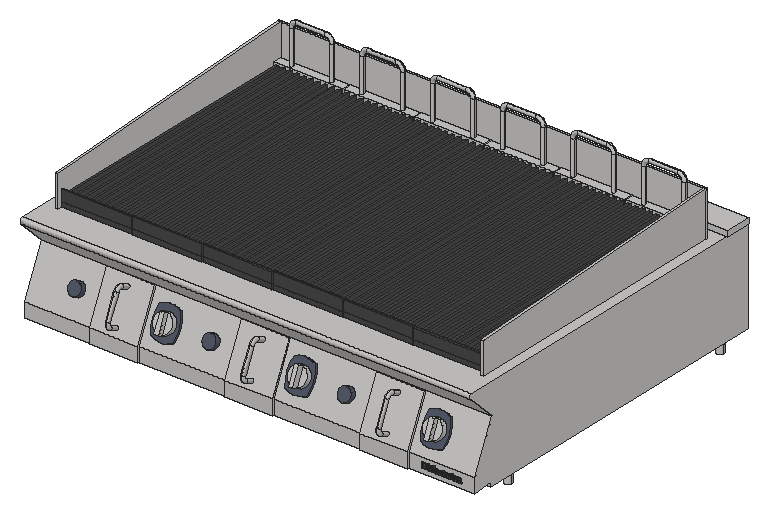
Revit family "QF_ELECTROLUXPROFESSIONAL_391188_E9GRTLGC0P", category Specialty Equipment, Revit 2018 (continued)
Automatic sketch dimensions
  Extrusion 19 sketch curve to plane 4 "RIGHT" = 0.1 mm
  Extrusion 20 sketch curve to plane 6 "TOP" = 0 mm
  Extrusion 20 sketch curve to plane 10 = 27.638 mm
  plane 1 "BACK" to Extrusion 20 sketch curve = 104.885 mm
  Extrusion 20 sketch curve to plane 5 "FRONT" = 82 mm
  Extrusion 20 sketch curve to plane 10 = 66.495 mm
  Extrusion 21 sketch curve to Extrusion 1 = 52.1 mm
  plane 6 "TOP" to Sweep 23 sketch curve = 37.056 mm  (x2)
  Sweep 23 sketch curve to plane 10 = 20.058 mm  (x2)
  Sweep 23 sketch curve to plane 10 = 4.818 mm
  Sweep 23 sketch curve to plane 7 "Center Y" = 227.721 mm
  Sweep 23 sketch curve to Sweep 23 sketch curve = 77.443 mm
  Sweep 23 sketch curve to profile plane = 0 mm
  profile plane to Sweep 23 sketch curve = 0 mm
  plane 6 "TOP" to Sweep 24 sketch curve = 37.056 mm  (x2)
  Sweep 24 sketch curve to plane 10 = 20.058 mm  (x2)
  Sweep 24 sketch curve to plane 10 = 4.818 mm
  Sweep 24 sketch curve to plane 7 "Center Y" = 39.638 mm
  Sweep 24 sketch curve to Sweep 24 sketch curve = 77.443 mm
  Sweep 24 sketch curve to profile plane = 0 mm
  profile plane to Sweep 24 sketch curve = 0 mm
  plane 6 "TOP" to Sweep 25 sketch curve = 37.056 mm  (x2)
  Sweep 25 sketch curve to plane 10 = 20.058 mm  (x2)
  Sweep 25 sketch curve to plane 10 = 4.818 mm
  plane 7 "Center Y" to Sweep 25 sketch curve = 147.567 mm
  plane 7 "Center Y" to Sweep 25 sketch curve = 54.884 mm
  Sweep 25 sketch curve to profile plane = 0 mm
  profile plane to Sweep 25 sketch curve = 0 mm
  plane 6 "TOP" to Sweep 26 sketch curve = 37.056 mm  (x2)
  Sweep 26 sketch curve to plane 10 = 20.058 mm  (x2)
  Sweep 26 sketch curve to plane 10 = 4.818 mm
  plane 14 to Sweep 26 sketch curve = 212.351 mm
  Sweep 26 sketch curve to Sweep 26 sketch curve = 77.443 mm
  Sweep 26 sketch curve to profile plane = 0 mm
  profile plane to Sweep 26 sketch curve = 0 mm
  plane 14 to Sweep 27 sketch curve = 23.491 mm
  plane 6 "TOP" to Sweep 27 sketch curve = 37.056 mm  (x2)
  Sweep 27 sketch curve to plane 10 = 20.058 mm  (x2)
  Sweep 27 sketch curve to plane 10 = 4.818 mm
  Sweep 27 sketch curve to Sweep 27 sketch curve = 77.443 mm
  Sweep 27 sketch curve to profile plane = 0 mm
  profile plane to Sweep 27 sketch curve = 0 mm
  Extrusion 28 sketch curve to plane 5 "FRONT" = 13.314 mm
  Extrusion 28 sketch curve to Extrusion 28 sketch curve = 3.2 mm
  Extrusion 28 sketch curve to plane 5 "FRONT" = 69.963 mm
  Extrusion 28 sketch curve to Extrusion 28 sketch curve = 2.907 mm
  Extrusion 28 sketch curve to plane 6 "TOP" = 82.216 mm
  Extrusion 28 sketch curve to Extrusion 28 sketch curve = 1.338 mm
  plane 9 to Extrusion 28 sketch curve = 6.903 mm
  plane 5 "FRONT" to Sweep 29 sketch curve = 5.352 mm
  Sweep 29 sketch curve to plane 5 "FRONT" = 0.875 mm
  Sweep 29 sketch curve to plane 5 "FRONT" = 6.185 mm
  Sweep 29 sketch curve to plane 5 "FRONT" = 21.504 mm
  Sweep 29 sketch curve to plane 5 "FRONT" = 22.196 mm
  Sweep 29 sketch curve to Sweep 29 sketch curve = 11.537 mm
  Sweep 29 sketch curve to Sweep 29 sketch curve = 5.31 mm  (x2)
  Sweep 29 sketch curve to Sweep 29 sketch curve = 20.629 mm
  Sweep 29 sketch curve to plane 6 "TOP" = 95.082 mm
  Sweep 29 sketch curve to Sweep 29 sketch curve = 6.227 mm
  Sweep 29 sketch curve to Sweep 29 sketch curve = 9.495 mm  (x2)
  Sweep 29 sketch curve to Sweep 29 sketch curve = 59.852 mm
  profile plane to Sweep 29 sketch curve = 0 mm
  Sweep 29 sketch curve to profile plane = 0 mm
  plane 13 to Extrusion 30 sketch curve = 24.379 mm
  plane 13 to Extrusion 30 sketch curve = 81.028 mm
  Extrusion 30 sketch curve to plane 5 "FRONT" = 13.314 mm
  Extrusion 30 sketch curve to plane 5 "FRONT" = 69.963 mm
  Extrusion 30 sketch curve to plane 6 "TOP" = 82.216 mm
  plane 9 to Extrusion 30 sketch curve = 45.704 mm  (x2)
  plane 9 to Extrusion 30 sketch curve = 6.903 mm
  plane 13 to Sweep 31 sketch curve = 5.713 mm
  plane 13 to Sweep 31 sketch curve = 11.94 mm
  Sweep 31 sketch curve to Sweep 31 sketch curve = 11.537 mm  (x2)
  Sweep 31 sketch curve to Sweep 31 sketch curve = 20.629 mm  (x2)
  plane 13 to Sweep 31 sketch curve = 33.261 mm
  Sweep 31 sketch curve to Sweep 31 sketch curve = 5.31 mm  (x2)
  Sweep 31 sketch curve to plane 6 "TOP" = 95.082 mm
  Sweep 31 sketch curve to Sweep 31 sketch curve = 6.227 mm
  Sweep 31 sketch curve to Sweep 31 sketch curve = 9.495 mm  (x2)
  Sweep 31 sketch curve to Sweep 31 sketch curve = 59.852 mm
  profile plane to Sweep 31 sketch curve = 0 mm
  Sweep 31 sketch curve to profile plane = 0 mm
  Extrusion 32 sketch curve to plane 7 "Center Y" = 273.167 mm
  Extrusion 32 sketch curve to Extrusion 32 sketch curve = 0 mm
  Extrusion 32 sketch curve to Extrusion 32 sketch curve = 12.3 mm  (x3)
  Extrusion 32 sketch curve to Extrusion 32 sketch curve = 34.925 mm  (x2)
  Extrusion 32 sketch curve to Extrusion 32 sketch curve = 46.691 mm
  Extrusion 32 sketch curve to Extrusion 32 sketch curve = 0.617 mm
  Extrusion 32 sketch curve to Extrusion 32 sketch curve = 28.57 mm
  Extrusion 32 sketch curve to Extrusion 32 sketch curve = 29.185 mm
  Extrusion 34 sketch curve to Extrusion 34 sketch curve = 24.732 mm
  Extrusion 34 sketch curve to Extrusion 34 sketch curve = 0 mm
  Split face 1 sketch curve to Split face 1 sketch curve = 9.684 mm
  Split face 1 sketch curve to Split face 1 sketch curve = 18.622 mm
  Split face 1 sketch curve to Split face 1 sketch curve = 2.959 mm
  Split face 1 sketch curve to Split face 1 sketch curve = 21.994 mm
  Split face 1 sketch curve to Split face 1 sketch curve = 5.035 mm
  Split face 1 sketch curve to Split face 1 sketch curve = 10.085 mm
  Split face 1 sketch curve to Split face 1 sketch curve = 5.244 mm
  Split face 2 sketch curve to Split face 2 sketch curve = 9.635 mm
  Split face 2 sketch curve to Split face 2 sketch curve = 17.821 mm
  Split face 2 sketch curve to Split face 2 sketch curve = 4.557 mm
  Split face 2 sketch curve to Split face 2 sketch curve = 14.42 mm
  Split face 2 sketch curve to Split face 2 sketch curve = 22.055 mm
  Split face 2 sketch curve to Split face 2 sketch curve = 3.318 mm
  plane 9 to Extrusion 35 sketch curve = 15.313 mm
  plane 9 to Extrusion 35 sketch curve = 20.354 mm
  Extrusion 35 sketch curve to Extrusion 35 sketch curve = 5.06 mm
  Extrusion 35 sketch curve to Extrusion 35 sketch curve = 0 mm  (x28)
  Extrusion 35 sketch curve to Extrusion 35 sketch curve = 5.108 mm  (x2)
  Extrusion 35 sketch curve to plane 14 = 0.497 mm
  Extrusion 35 sketch curve to Extrusion 35 sketch curve = 0.054 mm
  Extrusion 35 sketch curve to Extrusion 35 sketch curve = 0.218 mm
  Extrusion 35 sketch curve to Extrusion 35 sketch curve = 0.195 mm
  Extrusion 35 sketch curve to Extrusion 35 sketch curve = 0.249 mm
  Extrusion 35 sketch curve to Extrusion 35 sketch curve = 0.316 mm
  Extrusion 35 sketch curve to Extrusion 35 sketch curve = 0.087 mm
  Extrusion 35 sketch curve to Extrusion 35 sketch curve = 0.358 mm
  Extrusion 35 sketch curve to Extrusion 35 sketch curve = 0.481 mm
  Extrusion 35 sketch curve to Extrusion 35 sketch curve = 0.597 mm
  Extrusion 35 sketch curve to Extrusion 35 sketch curve = 0.544 mm
  Extrusion 35 sketch curve to Extrusion 35 sketch curve = 0.936 mm
  Extrusion 35 sketch curve to Extrusion 35 sketch curve = 0.594 mm
  Extrusion 35 sketch curve to Extrusion 35 sketch curve = 0.343 mm
  Extrusion 35 sketch curve to Extrusion 35 sketch curve = 0.159 mm
  Extrusion 35 sketch curve to Extrusion 35 sketch curve = 0.826 mm
  Extrusion 35 sketch curve to Extrusion 35 sketch curve = 0.839 mm
  Extrusion 35 sketch curve to Extrusion 35 sketch curve = 0.852 mm
  Extrusion 35 sketch curve to Extrusion 35 sketch curve = 0.887 mm
  Extrusion 35 sketch curve to Extrusion 35 sketch curve = 0.928 mm
  Extrusion 35 sketch curve to Extrusion 35 sketch curve = 0.938 mm
  Extrusion 35 sketch curve to Extrusion 35 sketch curve = 0.444 mm
  Extrusion 35 sketch curve to Extrusion 35 sketch curve = 1.11 mm  (x3)
  Extrusion 35 sketch curve to plane 14 = 7.966 mm
  Extrusion 35 sketch curve to Extrusion 35 sketch curve = 0.215 mm
  Extrusion 35 sketch curve to Extrusion 35 sketch curve = 1.43 mm
  Extrusion 35 sketch curve to Extrusion 35 sketch curve = 1.188 mm
  Extrusion 35 sketch curve to Extrusion 35 sketch curve = 1.21 mm  (x2)
  Extrusion 35 sketch curve to Extrusion 35 sketch curve = 0.503 mm
  Extrusion 35 sketch curve to plane 14 = 13.235 mm
  Extrusion 35 sketch curve to Extrusion 35 sketch curve = 0.488 mm
  Extrusion 35 sketch curve to plane 14 = 17.162 mm
  Extrusion 35 sketch curve to Extrusion 35 sketch curve = 0.462 mm
  Extrusion 35 sketch curve to Extrusion 35 sketch curve = 1.386 mm
  Extrusion 35 sketch curve to Extrusion 35 sketch curve = 1.742 mm  (x2)
  Extrusion 35 sketch curve to Extrusion 35 sketch curve = 0.821 mm
  Extrusion 35 sketch curve to Extrusion 35 sketch curve = 0.497 mm
  Extrusion 35 sketch curve to Extrusion 35 sketch curve = 0.539 mm
  Extrusion 35 sketch curve to Extrusion 35 sketch curve = 0.686 mm
  Extrusion 35 sketch curve to Extrusion 35 sketch curve = 0.408 mm
  Extrusion 35 sketch curve to Extrusion 35 sketch curve = 0.743 mm
  Extrusion 35 sketch curve to plane 14 = 1.053 mm
  Extrusion 35 sketch curve to Extrusion 35 sketch curve = 1.16 mm
  Extrusion 35 sketch curve to Extrusion 35 sketch curve = 0.329 mm
  Extrusion 35 sketch curve to Extrusion 35 sketch curve = 1.054 mm
  Extrusion 35 sketch curve to Extrusion 35 sketch curve = 1.056 mm
  Extrusion 35 sketch curve to Extrusion 35 sketch curve = 0.129 mm
  Extrusion 35 sketch curve to Extrusion 35 sketch curve = 0.489 mm
  Extrusion 35 sketch curve to Extrusion 35 sketch curve = 0.441 mm
  Extrusion 35 sketch curve to Extrusion 35 sketch curve = 1.151 mm
  Extrusion 35 sketch curve to Extrusion 35 sketch curve = 1.141 mm  (x2)
  Extrusion 35 sketch curve to Extrusion 35 sketch curve = 1.23 mm
  Extrusion 35 sketch curve to Extrusion 35 sketch curve = 1.653 mm
  plane 14 to Extrusion 35 sketch curve = 0.91 mm
  Extrusion 35 sketch curve to Extrusion 35 sketch curve = 0.499 mm
  Extrusion 35 sketch curve to Extrusion 35 sketch curve = 0.964 mm
  Extrusion 35 sketch curve to Extrusion 35 sketch curve = 0.949 mm
  Extrusion 35 sketch curve to Extrusion 35 sketch curve = 1.345 mm  (x2)
  Extrusion 35 sketch curve to Extrusion 35 sketch curve = 1.101 mm
  Extrusion 35 sketch curve to Extrusion 35 sketch curve = 0.432 mm
  Extrusion 35 sketch curve to Extrusion 35 sketch curve = 1.142 mm
  Extrusion 35 sketch curve to Extrusion 35 sketch curve = 0.959 mm
  Extrusion 35 sketch curve to Extrusion 35 sketch curve = 0.176 mm
  Extrusion 35 sketch curve to Extrusion 35 sketch curve = 0.728 mm
  Extrusion 35 sketch curve to Extrusion 35 sketch curve = 3.375 mm  (x2)
  Extrusion 35 sketch curve to Extrusion 35 sketch curve = 0.541 mm
  Extrusion 35 sketch curve to Extrusion 35 sketch curve = 0.955 mm
  Extrusion 35 sketch curve to Extrusion 35 sketch curve = 1.251 mm
  plane 14 to Extrusion 35 sketch curve = 0.491 mm
  Extrusion 35 sketch curve to Extrusion 35 sketch curve = 0.572 mm
  Extrusion 35 sketch curve to plane 14 = 11.859 mm
  Extrusion 35 sketch curve to Extrusion 35 sketch curve = 1.92 mm
  Extrusion 35 sketch curve to Extrusion 35 sketch curve = 1.224 mm
  Extrusion 35 sketch curve to Extrusion 35 sketch curve = 0.745 mm
  Extrusion 35 sketch curve to Extrusion 35 sketch curve = 2.537 mm
  Extrusion 35 sketch curve to Extrusion 35 sketch curve = 0.896 mm  (x3)
  Extrusion 35 sketch curve to Extrusion 35 sketch curve = 0.036 mm
  Extrusion 35 sketch curve to Extrusion 35 sketch curve = 2.607 mm
  Extrusion 35 sketch curve to Extrusion 35 sketch curve = 0.066 mm
  Extrusion 35 sketch curve to Extrusion 35 sketch curve = 0.248 mm
  Extrusion 35 sketch curve to Extrusion 35 sketch curve = 0.449 mm
  Extrusion 35 sketch curve to plane 14 = 11.078 mm
  Extrusion 35 sketch curve to Extrusion 35 sketch curve = 1.052 mm
  Extrusion 35 sketch curve to Extrusion 35 sketch curve = 1.863 mm
  Extrusion 35 sketch curve to Extrusion 35 sketch curve = 1.31 mm  (x2)
  Extrusion 35 sketch curve to Extrusion 35 sketch curve = 0.901 mm
  Extrusion 35 sketch curve to Extrusion 35 sketch curve = 1.107 mm
  Extrusion 35 sketch curve to Extrusion 35 sketch curve = 2.122 mm
  Extrusion 35 sketch curve to Extrusion 35 sketch curve = 2.101 mm
  Extrusion 35 sketch curve to Extrusion 35 sketch curve = 0.106 mm
  Extrusion 35 sketch curve to Extrusion 35 sketch curve = 0.029 mm
  Extrusion 35 sketch curve to Extrusion 35 sketch curve = 2.09 mm
  Extrusion 35 sketch curve to Extrusion 35 sketch curve = 1.279 mm
  Extrusion 35 sketch curve to Extrusion 35 sketch curve = 2.008 mm
  Extrusion 35 sketch curve to Extrusion 35 sketch curve = 0.738 mm
  Extrusion 35 sketch curve to Extrusion 35 sketch curve = 0.382 mm
  Extrusion 35 sketch curve to Extrusion 35 sketch curve = 0.384 mm
  Extrusion 35 sketch curve to Extrusion 35 sketch curve = 0.002 mm
  Extrusion 35 sketch curve to Extrusion 35 sketch curve = 0.561 mm
  Extrusion 35 sketch curve to Extrusion 35 sketch curve = 0.592 mm
  Extrusion 35 sketch curve to Extrusion 35 sketch curve = 2.692 mm
  Extrusion 35 sketch curve to Extrusion 35 sketch curve = 1.259 mm
  Extrusion 35 sketch curve to plane 14 = 13.098 mm
  Extrusion 35 sketch curve to Extrusion 35 sketch curve = 0.802 mm
  Extrusion 35 sketch curve to Extrusion 35 sketch curve = 1.024 mm
  Extrusion 35 sketch curve to Extrusion 35 sketch curve = 0.682 mm
  Extrusion 35 sketch curve to Extrusion 35 sketch curve = 5.934 mm
  Extrusion 35 sketch curve to Extrusion 35 sketch curve = 2.186 mm
  Extrusion 35 sketch curve to Extrusion 35 sketch curve = 0.337 mm
  Extrusion 35 sketch curve to Extrusion 35 sketch curve = 0.021 mm
  Extrusion 35 sketch curve to Extrusion 35 sketch curve = 1.005 mm
  Extrusion 35 sketch curve to Extrusion 35 sketch curve = 0.552 mm
  Extrusion 35 sketch curve to Extrusion 35 sketch curve = 0.778 mm
  Extrusion 35 sketch curve to Extrusion 35 sketch curve = 0.063 mm
  Extrusion 35 sketch curve to Extrusion 35 sketch curve = 1.023 mm
  Extrusion 35 sketch curve to Extrusion 35 sketch curve = 3.804 mm
  Extrusion 35 sketch curve to Extrusion 35 sketch curve = 0.486 mm
  Extrusion 35 sketch curve to Extrusion 35 sketch curve = 0.266 mm
  Extrusion 35 sketch curve to Extrusion 35 sketch curve = 1.547 mm
  Extrusion 35 sketch curve to Extrusion 35 sketch curve = 0.717 mm  (x2)
  Extrusion 35 sketch curve to Extrusion 35 sketch curve = 1.667 mm
  Extrusion 35 sketch curve to plane 14 = 8.772 mm
  Extrusion 35 sketch curve to Extrusion 35 sketch curve = 3.174 mm
  Extrusion 35 sketch curve to Extrusion 35 sketch curve = 0.388 mm
  Extrusion 35 sketch curve to Extrusion 35 sketch curve = 1.342 mm
  Extrusion 35 sketch curve to Extrusion 35 sketch curve = 1.521 mm
  Extrusion 35 sketch curve to Extrusion 35 sketch curve = 0.124 mm
  Extrusion 35 sketch curve to Extrusion 35 sketch curve = 0.291 mm
  Extrusion 35 sketch curve to Extrusion 35 sketch curve = 1.049 mm  (x2)
  Extrusion 35 sketch curve to plane 14 = 11.908 mm
  Extrusion 35 sketch curve to Extrusion 35 sketch curve = 1.7 mm
  Extrusion 35 sketch curve to Extrusion 35 sketch curve = 0.894 mm
  Extrusion 35 sketch curve to Extrusion 35 sketch curve = 0.989 mm
  Extrusion 35 sketch curve to Extrusion 35 sketch curve = 1.168 mm
  Extrusion 35 sketch curve to Extrusion 35 sketch curve = 1.594 mm
  Extrusion 35 sketch curve to Extrusion 35 sketch curve = 0.731 mm
  Extrusion 35 sketch curve to Extrusion 35 sketch curve = 1.566 mm
  Extrusion 35 sketch curve to Extrusion 35 sketch curve = 0.064 mm
  Extrusion 35 sketch curve to Extrusion 35 sketch curve = 0.556 mm  (x2)
  Extrusion 35 sketch curve to Extrusion 35 sketch curve = 0.48 mm
  Extrusion 35 sketch curve to Extrusion 35 sketch curve = 0.228 mm
  Extrusion 35 sketch curve to Extrusion 35 sketch curve = 1.018 mm
  Extrusion 35 sketch curve to plane 14 = 1.669 mm
  Extrusion 35 sketch curve to Extrusion 35 sketch curve = 0.787 mm
  Extrusion 35 sketch curve to Extrusion 35 sketch curve = 0.618 mm
  Extrusion 35 sketch curve to plane 14 = 6.726 mm
  Extrusion 35 sketch curve to Extrusion 35 sketch curve = 1.672 mm
  Extrusion 35 sketch curve to Extrusion 35 sketch curve = 1.361 mm
  Extrusion 35 sketch curve to Extrusion 35 sketch curve = 0.822 mm
  Extrusion 35 sketch curve to Extrusion 35 sketch curve = 0.069 mm
  Extrusion 35 sketch curve to Extrusion 35 sketch curve = 1.88 mm
  Extrusion 35 sketch curve to Extrusion 35 sketch curve = 0.42 mm
  Extrusion 35 sketch curve to Extrusion 35 sketch curve = 0.062 mm
  Extrusion 35 sketch curve to Extrusion 35 sketch curve = 1.355 mm
  Extrusion 35 sketch curve to Extrusion 35 sketch curve = 2.34 mm
  Extrusion 35 sketch curve to Extrusion 35 sketch curve = 0.493 mm
  Extrusion 35 sketch curve to Extrusion 35 sketch curve = 0.136 mm
  Extrusion 35 sketch curve to Extrusion 35 sketch curve = 0.128 mm
  Extrusion 35 sketch curve to Extrusion 35 sketch curve = 3.616 mm
  Extrusion 35 sketch curve to Extrusion 35 sketch curve = 4.207 mm
  Extrusion 35 sketch curve to Extrusion 35 sketch curve = 0.183 mm
  Extrusion 35 sketch curve to Extrusion 35 sketch curve = 0.895 mm
  Extrusion 35 sketch curve to Extrusion 35 sketch curve = 1.314 mm
  Extrusion 35 sketch curve to Extrusion 35 sketch curve = 3.231 mm
  Extrusion 35 sketch curve to Extrusion 35 sketch curve = 1.299 mm
  Extrusion 35 sketch curve to Extrusion 35 sketch curve = 1.214 mm
  plane 14 to Extrusion 35 sketch curve = 9.392 mm
  Extrusion 35 sketch curve to Extrusion 35 sketch curve = 1.264 mm
  Extrusion 35 sketch curve to Extrusion 35 sketch curve = 0.109 mm
  Extrusion 35 sketch curve to Extrusion 35 sketch curve = 0.357 mm
  Extrusion 35 sketch curve to Extrusion 35 sketch curve = 0.565 mm
  Extrusion 35 sketch curve to Extrusion 35 sketch curve = 2.504 mm
  Extrusion 35 sketch curve to Extrusion 35 sketch curve = 2.459 mm
  Extrusion 35 sketch curve to Extrusion 35 sketch curve = 4.578 mm
  Extrusion 35 sketch curve to Extrusion 35 sketch curve = 0.983 mm
  Extrusion 35 sketch curve to Extrusion 35 sketch curve = 1.559 mm
  Extrusion 35 sketch curve to Extrusion 35 sketch curve = 0.422 mm  (x2)
  Extrusion 35 sketch curve to Extrusion 35 sketch curve = 0.782 mm
  Extrusion 35 sketch curve to Extrusion 35 sketch curve = 1.268 mm
  Extrusion 35 sketch curve to Extrusion 35 sketch curve = 0.671 mm
  Extrusion 35 sketch curve to Extrusion 35 sketch curve = 1.634 mm
  Extrusion 35 sketch curve to Extrusion 35 sketch curve = 0.132 mm
  Extrusion 35 sketch curve to Extrusion 35 sketch curve = 0.586 mm
  Extrusion 35 sketch curve to Extrusion 35 sketch curve = 1.241 mm
  Extrusion 35 sketch curve to Extrusion 35 sketch curve = 1.689 mm
  plane 14 to Extrusion 35 sketch curve = 1.018 mm
  Extrusion 35 sketch curve to Extrusion 35 sketch curve = 1.019 mm
  Extrusion 35 sketch curve to Extrusion 35 sketch curve = 0.065 mm
  Extrusion 35 sketch curve to Extrusion 35 sketch curve = 1.215 mm
  Extrusion 35 sketch curve to Extrusion 35 sketch curve = 1.122 mm
  Extrusion 35 sketch curve to Extrusion 35 sketch curve = 1.153 mm
  Extrusion 35 sketch curve to Extrusion 35 sketch curve = 3.009 mm
  Extrusion 35 sketch curve to Extrusion 35 sketch curve = 0.829 mm  (x2)
  Extrusion 35 sketch curve to Extrusion 35 sketch curve = 0.934 mm
  Extrusion 35 sketch curve to Extrusion 35 sketch curve = 3.376 mm
  Extrusion 35 sketch curve to Extrusion 35 sketch curve = 0.222 mm
  Extrusion 35 sketch curve to Extrusion 35 sketch curve = 1.383 mm
  Extrusion 35 sketch curve to Extrusion 35 sketch curve = 1.556 mm
  Extrusion 35 sketch curve to Extrusion 35 sketch curve = 2.559 mm
  Extrusion 35 sketch curve to Extrusion 35 sketch curve = 2.51 mm
  Extrusion 35 sketch curve to Extrusion 35 sketch curve = 0.131 mm
  Extrusion 35 sketch curve to Extrusion 35 sketch curve = 1.717 mm
  Extrusion 35 sketch curve to Extrusion 35 sketch curve = 1.134 mm
  Extrusion 35 sketch curve to Extrusion 35 sketch curve = 0.366 mm
  Extrusion 35 sketch curve to Extrusion 35 sketch curve = 0.094 mm
  Extrusion 35 sketch curve to Extrusion 35 sketch curve = 1.584 mm
  Extrusion 35 sketch curve to Extrusion 35 sketch curve = 1.501 mm
  Extrusion 35 sketch curve to Extrusion 35 sketch curve = 0.27 mm
  Extrusion 35 sketch curve to Extrusion 35 sketch curve = 1.808 mm
  Extrusion 35 sketch curve to Extrusion 35 sketch curve = 0.643 mm
  Extrusion 35 sketch curve to Extrusion 35 sketch curve = 0.916 mm
  Extrusion 35 sketch curve to Extrusion 35 sketch curve = 0.352 mm
  Extrusion 35 sketch curve to Extrusion 35 sketch curve = 0.458 mm
  Extrusion 35 sketch curve to Extrusion 35 sketch curve = 1.282 mm
  Extrusion 35 sketch curve to Extrusion 35 sketch curve = 1.363 mm
  Extrusion 35 sketch curve to Extrusion 35 sketch curve = 0.685 mm
  Extrusion 35 sketch curve to Extrusion 35 sketch curve = 0.905 mm
  Extrusion 35 sketch curve to Extrusion 35 sketch curve = 2.865 mm
  Extrusion 35 sketch curve to Extrusion 35 sketch curve = 0.472 mm
  Extrusion 35 sketch curve to Extrusion 35 sketch curve = 0.101 mm
  Extrusion 35 sketch curve to Extrusion 35 sketch curve = 0.54 mm
  Extrusion 35 sketch curve to Extrusion 35 sketch curve = 0.02 mm
  Extrusion 35 sketch curve to Extrusion 35 sketch curve = 0.468 mm
  Extrusion 35 sketch curve to Extrusion 35 sketch curve = 0.582 mm
  Extrusion 35 sketch curve to Extrusion 35 sketch curve = 0.166 mm
  Extrusion 35 sketch curve to Extrusion 35 sketch curve = 0.16 mm
  Extrusion 35 sketch curve to Extrusion 35 sketch curve = 2.781 mm
  Extrusion 35 sketch curve to Extrusion 35 sketch curve = 1.118 mm
  Extrusion 35 sketch curve to Extrusion 35 sketch curve = 0.613 mm
  Extrusion 35 sketch curve to Extrusion 35 sketch curve = 0.781 mm
  Extrusion 35 sketch curve to Extrusion 35 sketch curve = 0.361 mm
  Extrusion 35 sketch curve to Extrusion 35 sketch curve = 0.897 mm
  Extrusion 35 sketch curve to Extrusion 35 sketch curve = 0.167 mm
  Extrusion 35 sketch curve to Extrusion 35 sketch curve = 0.292 mm
  Extrusion 35 sketch curve to Extrusion 35 sketch curve = 0.305 mm
  Extrusion 35 sketch curve to Extrusion 35 sketch curve = 1.557 mm
  Extrusion 35 sketch curve to Extrusion 35 sketch curve = 2.499 mm
  Extrusion 35 sketch curve to Extrusion 35 sketch curve = 3.062 mm
  Extrusion 35 sketch curve to Extrusion 35 sketch curve = 2.968 mm
  Extrusion 35 sketch curve to Extrusion 35 sketch curve = 5.044 mm
  Extrusion 35 sketch curve to Extrusion 35 sketch curve = 0.629 mm  (x2)
  Extrusion 35 sketch curve to Extrusion 35 sketch curve = 1.131 mm
  Extrusion 35 sketch curve to Extrusion 35 sketch curve = 0.137 mm
  Extrusion 35 sketch curve to Extrusion 35 sketch curve = 0.027 mm
  Extrusion 35 sketch curve to Extrusion 35 sketch curve = 2.046 mm
  Extrusion 35 sketch curve to Extrusion 35 sketch curve = 2.235 mm
  plane 7 "Center Y" to Extrusion 36 sketch curve = 86.183 mm
  Extrusion 36 sketch curve to Extrusion 36 sketch curve = 0 mm
  Extrusion 36 sketch curve to Extrusion 36 sketch curve = 12.3 mm  (x3)
  Extrusion 36 sketch curve to Extrusion 36 sketch curve = 34.925 mm  (x2)
  Extrusion 36 sketch curve to Extrusion 36 sketch curve = 46.691 mm
  Extrusion 36 sketch curve to Extrusion 36 sketch curve = 0.617 mm
  Extrusion 36 sketch curve to Extrusion 36 sketch curve = 28.57 mm
  Extrusion 36 sketch curve to Extrusion 36 sketch curve = 29.185 mm
  Extrusion 38 sketch curve to Extrusion 38 sketch curve = 24.732 mm
  Extrusion 38 sketch curve to Extrusion 38 sketch curve = 0 mm
  Split face 3 sketch curve to Split face 3 sketch curve = 9.684 mm
  Split face 3 sketch curve to Split face 3 sketch curve = 18.622 mm
  Split face 3 sketch curve to Split face 3 sketch curve = 2.959 mm
  Split face 3 sketch curve to Split face 3 sketch curve = 21.994 mm
  Split face 3 sketch curve to Split face 3 sketch curve = 5.035 mm
  Split face 3 sketch curve to Split face 3 sketch curve = 10.085 mm
  Split face 3 sketch curve to Split face 3 sketch curve = 5.244 mm
  Split face 4 sketch curve to Split face 4 sketch curve = 9.635 mm
  Split face 4 sketch curve to Split face 4 sketch curve = 17.821 mm
  Split face 4 sketch curve to Split face 4 sketch curve = 4.557 mm
  Split face 4 sketch curve to Split face 4 sketch curve = 14.42 mm
  Split face 4 sketch curve to Split face 4 sketch curve = 22.055 mm
  Split face 4 sketch curve to Split face 4 sketch curve = 3.318 mm
  plane 14 to Extrusion 39 sketch curve = 100.467 mm
  plane 14 to Extrusion 39 sketch curve = 42.092 mm
  Extrusion 39 sketch curve to Extrusion 39 sketch curve = 0 mm
  Extrusion 39 sketch curve to Extrusion 39 sketch curve = 12.3 mm  (x3)
  plane 14 to Extrusion 39 sketch curve = 16.978 mm
  Extrusion 39 sketch curve to Extrusion 39 sketch curve = 34.925 mm  (x2)
  Extrusion 39 sketch curve to Extrusion 39 sketch curve = 46.691 mm
  Extrusion 39 sketch curve to Extrusion 39 sketch curve = 28.575 mm
  Extrusion 41 sketch curve to Extrusion 41 sketch curve = 24.732 mm
  Extrusion 41 sketch curve to Extrusion 41 sketch curve = 0 mm
  Split face 5 sketch curve to Split face 5 sketch curve = 9.684 mm
  Split face 5 sketch curve to Split face 5 sketch curve = 18.622 mm
  Split face 5 sketch curve to Split face 5 sketch curve = 2.959 mm
  Split face 5 sketch curve to Split face 5 sketch curve = 21.994 mm
  Split face 5 sketch curve to Split face 5 sketch curve = 5.035 mm
  Split face 5 sketch curve to Split face 5 sketch curve = 10.085 mm
  Split face 5 sketch curve to Split face 5 sketch curve = 5.244 mm
  Split face 6 sketch curve to Split face 6 sketch curve = 9.635 mm
  Split face 6 sketch curve to Split face 6 sketch curve = 17.821 mm
  Split face 6 sketch curve to Split face 6 sketch curve = 4.557 mm
  Split face 6 sketch curve to Split face 6 sketch curve = 14.42 mm
  Split face 6 sketch curve to Split face 6 sketch curve = 22.055 mm
  Split face 6 sketch curve to Split face 6 sketch curve = 3.318 mm
  radius of Extrusion 2 sketch curve = 9.525 mm  (x4)
  radius of Sweep 5 sketch curve = 4.572 mm
  radius of Extrusion 6 sketch curve = 17.8 mm  (x3)
  radius of Sweep 8 sketch curve = 4.572 mm
  radius of Sweep 11 sketch curve = 4.572 mm
  radius of Sweep 12 sketch curve = 4.572 mm
  radius of Sweep 16 sketch curve = 4.572 mm
  radius of Extrusion 21 sketch curve = 9.525 mm
  radius of Extrusion 22 sketch curve = 9.525 mm
  radius of Sweep 23 sketch curve = 4.572 mm
  radius of Sweep 24 sketch curve = 4.572 mm
  radius of Sweep 25 sketch curve = 4.572 mm
  radius of Sweep 26 sketch curve = 4.572 mm
  radius of Sweep 27 sketch curve = 4.572 mm
  radius of Sweep 29 sketch curve = 4.572 mm
  radius of Sweep 31 sketch curve = 4.572 mm
  radius of Extrusion 33 sketch curve = 25.4 mm
  radius of Extrusion 34 sketch curve to Extrusion 33 = 0 mm  (x2)
  radius of Extrusion 37 sketch curve = 25.4 mm
  radius of Extrusion 38 sketch curve to Extrusion 37 = 0 mm  (x2)
  radius of Extrusion 40 sketch curve = 25.4 mm
  radius of Extrusion 41 sketch curve to Extrusion 40 = 0 mm  (x2)
Nested families
  nested 1: "391188_QF_Electrolux_GRILL" at (39.571, -130.285, 287.7), type "391188_QF_Electrolux_GRILL"
    with Type Mark "", Specification by User "", Revision Code "", Item Number "", Installed By "", Identify Quantity as Lot yes, Furnished By "", Foodservice Equipment Identifier yes
  nested 2: "391188_QF_Electrolux_GRILL" at (206.639, -130.285, 287.7), type "391188_QF_Electrolux_GRILL"
    with Type Mark "", Specification by User "", Revision Code "", Item Number "", Installed By "", Identify Quantity as Lot yes, Furnished By "", Foodservice Equipment Identifier yes
  nested 3: "391188_QF_Electrolux_GRILL" at (58.134, -130.285, 287.7), type "391188_QF_Electrolux_GRILL"
    with Type Mark "", Specification by User "", Revision Code "", Item Number "", Installed By "", Identify Quantity as Lot yes, Furnished By "", Foodservice Equipment Identifier yes
  nested 4: "391188_QF_Electrolux_GRILL" at (76.697, -130.285, 287.7), type "391188_QF_Electrolux_GRILL"
    with Type Mark "", Specification by User "", Revision Code "", Item Number "", Installed By "", Identify Quantity as Lot yes, Furnished By "", Foodservice Equipment Identifier yes
  nested 5: "391188_QF_Electrolux_GRILL" at (95.26, -130.285, 287.7), type "391188_QF_Electrolux_GRILL"
    with Type Mark "", Specification by User "", Revision Code "", Item Number "", Installed By "", Identify Quantity as Lot yes, Furnished By "", Foodservice Equipment Identifier yes
  nested 6: "391188_QF_Electrolux_GRILL" at (113.823, -130.285, 287.7), type "391188_QF_Electrolux_GRILL"
    with Type Mark "", Specification by User "", Revision Code "", Item Number "", Installed By "", Identify Quantity as Lot yes, Furnished By "", Foodservice Equipment Identifier yes
  nested 7: "391188_QF_Electrolux_GRILL" at (132.387, -130.285, 287.7), type "391188_QF_Electrolux_GRILL"
    with Type Mark "", Specification by User "", Revision Code "", Item Number "", Installed By "", Identify Quantity as Lot yes, Furnished By "", Foodservice Equipment Identifier yes
  nested 8: "391188_QF_Electrolux_GRILL" at (150.95, -130.285, 287.7), type "391188_QF_Electrolux_GRILL"
    with Type Mark "", Specification by User "", Revision Code "", Item Number "", Installed By "", Identify Quantity as Lot yes, Furnished By "", Foodservice Equipment Identifier yes
  nested 9: "391188_QF_Electrolux_GRILL" at (169.513, -130.285, 287.7), type "391188_QF_Electrolux_GRILL"
    with Type Mark "", Specification by User "", Revision Code "", Item Number "", Installed By "", Identify Quantity as Lot yes, Furnished By "", Foodservice Equipment Identifier yes
  nested 10: "391188_QF_Electrolux_GRILL" at (188.076, -130.285, 287.7), type "391188_QF_Electrolux_GRILL"
    with Type Mark "", Specification by User "", Revision Code "", Item Number "", Installed By "", Identify Quantity as Lot yes, Furnished By "", Foodservice Equipment Identifier yes
  nested 11: "391188_QF_Electrolux_GRILL" at (228.431, -130.285, 287.7), type "391188_QF_Electrolux_GRILL"
    with Type Mark "", Specification by User "", Revision Code "", Item Number "", Installed By "", Identify Quantity as Lot yes, Furnished By "", Foodservice Equipment Identifier yes
  nested 12: "391188_QF_Electrolux_GRILL" at (395.499, -130.285, 287.7), type "391188_QF_Electrolux_GRILL"
    with Type Mark "", Specification by User "", Revision Code "", Item Number "", Installed By "", Identify Quantity as Lot yes, Furnished By "", Foodservice Equipment Identifier yes
  nested 13: "391188_QF_Electrolux_GRILL" at (246.994, -130.285, 287.7), type "391188_QF_Electrolux_GRILL"
    with Type Mark "", Specification by User "", Revision Code "", Item Number "", Installed By "", Identify Quantity as Lot yes, Furnished By "", Foodservice Equipment Identifier yes
  nested 14: "391188_QF_Electrolux_GRILL" at (265.557, -130.285, 287.7), type "391188_QF_Electrolux_GRILL"
    with Type Mark "", Specification by User "", Revision Code "", Item Number "", Installed By "", Identify Quantity as Lot yes, Furnished By "", Foodservice Equipment Identifier yes
  nested 15: "391188_QF_Electrolux_GRILL" at (284.12, -130.285, 287.7), type "391188_QF_Electrolux_GRILL"
    with Type Mark "", Specification by User "", Revision Code "", Item Number "", Installed By "", Identify Quantity as Lot yes, Furnished By "", Foodservice Equipment Identifier yes
  nested 16: "391188_QF_Electrolux_GRILL" at (302.683, -130.285, 287.7), type "391188_QF_Electrolux_GRILL"
    with Type Mark "", Specification by User "", Revision Code "", Item Number "", Installed By "", Identify Quantity as Lot yes, Furnished By "", Foodservice Equipment Identifier yes
  nested 17: "391188_QF_Electrolux_GRILL" at (321.247, -130.285, 287.7), type "391188_QF_Electrolux_GRILL"
    with Type Mark "", Specification by User "", Revision Code "", Item Number "", Installed By "", Identify Quantity as Lot yes, Furnished By "", Foodservice Equipment Identifier yes
  nested 18: "391188_QF_Electrolux_GRILL" at (339.81, -130.285, 287.7), type "391188_QF_Electrolux_GRILL"
    with Type Mark "", Specification by User "", Revision Code "", Item Number "", Installed By "", Identify Quantity as Lot yes, Furnished By "", Foodservice Equipment Identifier yes
  nested 19: "391188_QF_Electrolux_GRILL" at (358.373, -130.285, 287.7), type "391188_QF_Electrolux_GRILL"
    with Type Mark "", Specification by User "", Revision Code "", Item Number "", Installed By "", Identify Quantity as Lot yes, Furnished By "", Foodservice Equipment Identifier yes
  nested 20: "391188_QF_Electrolux_GRILL" at (376.936, -130.285, 287.7), type "391188_QF_Electrolux_GRILL"
    with Type Mark "", Specification by User "", Revision Code "", Item Number "", Installed By "", Identify Quantity as Lot yes, Furnished By "", Foodservice Equipment Identifier yes
  nested 21: "391188_QF_Electrolux_GRILL" at (416.513, -130.285, 287.7), type "391188_QF_Electrolux_GRILL"
    with Type Mark "", Specification by User "", Revision Code "", Item Number "", Installed By "", Identify Quantity as Lot yes, Furnished By "", Foodservice Equipment Identifier yes
  nested 22: "391188_QF_Electrolux_GRILL" at (583.582, -130.285, 287.7), type "391188_QF_Electrolux_GRILL"
    with Type Mark "", Specification by User "", Revision Code "", Item Number "", Installed By "", Identify Quantity as Lot yes, Furnished By "", Foodservice Equipment Identifier yes
  nested 23: "391188_QF_Electrolux_GRILL" at (435.076, -130.285, 287.7), type "391188_QF_Electrolux_GRILL"
    with Type Mark "", Specification by User "", Revision Code "", Item Number "", Installed By "", Identify Quantity as Lot yes, Furnished By "", Foodservice Equipment Identifier yes
  nested 24: "391188_QF_Electrolux_GRILL" at (453.639, -130.285, 287.7), type "391188_QF_Electrolux_GRILL"
    with Type Mark "", Specification by User "", Revision Code "", Item Number "", Installed By "", Identify Quantity as Lot yes, Furnished By "", Foodservice Equipment Identifier yes
  nested 25: "391188_QF_Electrolux_GRILL" at (472.203, -130.285, 287.7), type "391188_QF_Electrolux_GRILL"
    with Type Mark "", Specification by User "", Revision Code "", Item Number "", Installed By "", Identify Quantity as Lot yes, Furnished By "", Foodservice Equipment Identifier yes
  nested 26: "391188_QF_Electrolux_GRILL" at (490.766, -130.285, 287.7), type "391188_QF_Electrolux_GRILL"
    with Type Mark "", Specification by User "", Revision Code "", Item Number "", Installed By "", Identify Quantity as Lot yes, Furnished By "", Foodservice Equipment Identifier yes
  nested 27: "391188_QF_Electrolux_GRILL" at (509.329, -130.285, 287.7), type "391188_QF_Electrolux_GRILL"
    with Type Mark "", Specification by User "", Revision Code "", Item Number "", Installed By "", Identify Quantity as Lot yes, Furnished By "", Foodservice Equipment Identifier yes
  nested 28: "391188_QF_Electrolux_GRILL" at (527.892, -130.285, 287.7), type "391188_QF_Electrolux_GRILL"
    with Type Mark "", Specification by User "", Revision Code "", Item Number "", Installed By "", Identify Quantity as Lot yes, Furnished By "", Foodservice Equipment Identifier yes
  nested 29: "391188_QF_Electrolux_GRILL" at (546.456, -130.285, 287.7), type "391188_QF_Electrolux_GRILL"
    with Type Mark "", Specification by User "", Revision Code "", Item Number "", Installed By "", Identify Quantity as Lot yes, Furnished By "", Foodservice Equipment Identifier yes
  nested 30: "391188_QF_Electrolux_GRILL" at (565.019, -130.285, 287.7), type "391188_QF_Electrolux_GRILL"
    with Type Mark "", Specification by User "", Revision Code "", Item Number "", Installed By "", Identify Quantity as Lot yes, Furnished By "", Foodservice Equipment Identifier yes
  nested 31: "391188_QF_Electrolux_GRILL" at (603.718, -130.285, 287.7), type "391188_QF_Electrolux_GRILL"
    with Type Mark "", Specification by User "", Revision Code "", Item Number "", Installed By "", Identify Quantity as Lot yes, Furnished By "", Foodservice Equipment Identifier yes
  nested 32: "391188_QF_Electrolux_GRILL" at (770.787, -130.285, 287.7), type "391188_QF_Electrolux_GRILL"
    with Type Mark "", Specification by User "", Revision Code "", Item Number "", Installed By "", Identify Quantity as Lot yes, Furnished By "", Foodservice Equipment Identifier yes
  nested 33: "391188_QF_Electrolux_GRILL" at (622.281, -130.285, 287.7), type "391188_QF_Electrolux_GRILL"
    with Type Mark "", Specification by User "", Revision Code "", Item Number "", Installed By "", Identify Quantity as Lot yes, Furnished By "", Foodservice Equipment Identifier yes
  nested 34: "391188_QF_Electrolux_GRILL" at (640.844, -130.285, 287.7), type "391188_QF_Electrolux_GRILL"
    with Type Mark "", Specification by User "", Revision Code "", Item Number "", Installed By "", Identify Quantity as Lot yes, Furnished By "", Foodservice Equipment Identifier yes
  nested 35: "391188_QF_Electrolux_GRILL" at (659.408, -130.285, 287.7), type "391188_QF_Electrolux_GRILL"
    with Type Mark "", Specification by User "", Revision Code "", Item Number "", Installed By "", Identify Quantity as Lot yes, Furnished By "", Foodservice Equipment Identifier yes
  nested 36: "391188_QF_Electrolux_GRILL" at (677.971, -130.285, 287.7), type "391188_QF_Electrolux_GRILL"
    with Type Mark "", Specification by User "", Revision Code "", Item Number "", Installed By "", Identify Quantity as Lot yes, Furnished By "", Foodservice Equipment Identifier yes
  nested 37: "391188_QF_Electrolux_GRILL" at (696.534, -130.285, 287.7), type "391188_QF_Electrolux_GRILL"
    with Type Mark "", Specification by User "", Revision Code "", Item Number "", Installed By "", Identify Quantity as Lot yes, Furnished By "", Foodservice Equipment Identifier yes
  nested 38: "391188_QF_Electrolux_GRILL" at (715.097, -130.285, 287.7), type "391188_QF_Electrolux_GRILL"
    with Type Mark "", Specification by User "", Revision Code "", Item Number "", Installed By "", Identify Quantity as Lot yes, Furnished By "", Foodservice Equipment Identifier yes
  nested 39: "391188_QF_Electrolux_GRILL" at (733.661, -130.285, 287.7), type "391188_QF_Electrolux_GRILL"
    with Type Mark "", Specification by User "", Revision Code "", Item Number "", Installed By "", Identify Quantity as Lot yes, Furnished By "", Foodservice Equipment Identifier yes
  nested 40: "391188_QF_Electrolux_GRILL" at (752.224, -130.285, 287.7), type "391188_QF_Electrolux_GRILL"
    with Type Mark "", Specification by User "", Revision Code "", Item Number "", Installed By "", Identify Quantity as Lot yes, Furnished By "", Foodservice Equipment Identifier yes
  nested 41: "391188_QF_Electrolux_GRILL" at (791.801, -130.285, 287.7), type "391188_QF_Electrolux_GRILL"
    with Type Mark "", Specification by User "", Revision Code "", Item Number "", Installed By "", Identify Quantity as Lot yes, Furnished By "", Foodservice Equipment Identifier yes
  nested 42: "391188_QF_Electrolux_GRILL" at (958.869, -130.285, 287.7), type "391188_QF_Electrolux_GRILL"
    with Type Mark "", Specification by User "", Revision Code "", Item Number "", Installed By "", Identify Quantity as Lot yes, Furnished By "", Foodservice Equipment Identifier yes
  nested 43: "391188_QF_Electrolux_GRILL" at (810.364, -130.285, 287.7), type "391188_QF_Electrolux_GRILL"
    with Type Mark "", Specification by User "", Revision Code "", Item Number "", Installed By "", Identify Quantity as Lot yes, Furnished By "", Foodservice Equipment Identifier yes
  nested 44: "391188_QF_Electrolux_GRILL" at (828.927, -130.285, 287.7), type "391188_QF_Electrolux_GRILL"
    with Type Mark "", Specification by User "", Revision Code "", Item Number "", Installed By "", Identify Quantity as Lot yes, Furnished By "", Foodservice Equipment Identifier yes
  nested 45: "391188_QF_Electrolux_GRILL" at (847.49, -130.285, 287.7), type "391188_QF_Electrolux_GRILL"
    with Type Mark "", Specification by User "", Revision Code "", Item Number "", Installed By "", Identify Quantity as Lot yes, Furnished By "", Foodservice Equipment Identifier yes
  nested 46: "391188_QF_Electrolux_GRILL" at (866.053, -130.285, 287.7), type "391188_QF_Electrolux_GRILL"
    with Type Mark "", Specification by User "", Revision Code "", Item Number "", Installed By "", Identify Quantity as Lot yes, Furnished By "", Foodservice Equipment Identifier yes
  nested 47: "391188_QF_Electrolux_GRILL" at (884.617, -130.285, 287.7), type "391188_QF_Electrolux_GRILL"
    with Type Mark "", Specification by User "", Revision Code "", Item Number "", Installed By "", Identify Quantity as Lot yes, Furnished By "", Foodservice Equipment Identifier yes
  nested 48: "391188_QF_Electrolux_GRILL" at (903.18, -130.285, 287.7), type "391188_QF_Electrolux_GRILL"
    with Type Mark "", Specification by User "", Revision Code "", Item Number "", Installed By "", Identify Quantity as Lot yes, Furnished By "", Foodservice Equipment Identifier yes
  nested 49: "391188_QF_Electrolux_GRILL" at (921.743, -130.285, 287.7), type "391188_QF_Electrolux_GRILL"
    with Type Mark "", Specification by User "", Revision Code "", Item Number "", Installed By "", Identify Quantity as Lot yes, Furnished By "", Foodservice Equipment Identifier yes
  nested 50: "391188_QF_Electrolux_GRILL" at (940.306, -130.285, 287.7), type "391188_QF_Electrolux_GRILL"
    with Type Mark "", Specification by User "", Revision Code "", Item Number "", Installed By "", Identify Quantity as Lot yes, Furnished By "", Foodservice Equipment Identifier yes
  nested 51: "391188_QF_Electrolux_GRILL" at (980.661, -130.285, 287.7), type "391188_QF_Electrolux_GRILL"
    with Type Mark "", Specification by User "", Revision Code "", Item Number "", Installed By "", Identify Quantity as Lot yes, Furnished By "", Foodservice Equipment Identifier yes
  nested 52: "391188_QF_Electrolux_GRILL" at (1147.729, -130.285, 287.7), type "391188_QF_Electrolux_GRILL"
    with Type Mark "", Specification by User "", Revision Code "", Item Number "", Installed By "", Identify Quantity as Lot yes, Furnished By "", Foodservice Equipment Identifier yes
  nested 53: "391188_QF_Electrolux_GRILL" at (999.224, -130.285, 287.7), type "391188_QF_Electrolux_GRILL"
    with Type Mark "", Specification by User "", Revision Code "", Item Number "", Installed By "", Identify Quantity as Lot yes, Furnished By "", Foodservice Equipment Identifier yes
  nested 54: "391188_QF_Electrolux_GRILL" at (1017.787, -130.285, 287.7), type "391188_QF_Electrolux_GRILL"
    with Type Mark "", Specification by User "", Revision Code "", Item Number "", Installed By "", Identify Quantity as Lot yes, Furnished By "", Foodservice Equipment Identifier yes
  nested 55: "391188_QF_Electrolux_GRILL" at (1036.35, -130.285, 287.7), type "391188_QF_Electrolux_GRILL"
    with Type Mark "", Specification by User "", Revision Code "", Item Number "", Installed By "", Identify Quantity as Lot yes, Furnished By "", Foodservice Equipment Identifier yes
  nested 56: "391188_QF_Electrolux_GRILL" at (1054.913, -130.285, 287.7), type "391188_QF_Electrolux_GRILL"
    with Type Mark "", Specification by User "", Revision Code "", Item Number "", Installed By "", Identify Quantity as Lot yes, Furnished By "", Foodservice Equipment Identifier yes
  nested 57: "391188_QF_Electrolux_GRILL" at (1073.477, -130.285, 287.7), type "391188_QF_Electrolux_GRILL"
    with Type Mark "", Specification by User "", Revision Code "", Item Number "", Installed By "", Identify Quantity as Lot yes, Furnished By "", Foodservice Equipment Identifier yes
  nested 58: "391188_QF_Electrolux_GRILL" at (1092.04, -130.285, 287.7), type "391188_QF_Electrolux_GRILL"
    with Type Mark "", Specification by User "", Revision Code "", Item Number "", Installed By "", Identify Quantity as Lot yes, Furnished By "", Foodservice Equipment Identifier yes
  nested 59: "391188_QF_Electrolux_GRILL" at (1110.603, -130.285, 287.7), type "391188_QF_Electrolux_GRILL"
    with Type Mark "", Specification by User "", Revision Code "", Item Number "", Installed By "", Identify Quantity as Lot yes, Furnished By "", Foodservice Equipment Identifier yes
  nested 60: "391188_QF_Electrolux_GRILL" at (1129.166, -130.285, 287.7), type "391188_QF_Electrolux_GRILL"
    with Type Mark "", Specification by User "", Revision Code "", Item Number "", Installed By "", Identify Quantity as Lot yes, Furnished By "", Foodservice Equipment Identifier yes
Connectors
  piping at (1147.9, -663, 15), diameter 19
    settings: on Extrusion 21, index 1, connector inside diameter 0.74803", connector length 0 mm, flow factor 0, pipe flow 0 GPM, pressure drop 0.00 psi, fitting loss kfactor 0, connector angle 0.00°, fixture units 0, engagement length 0 mm, angle of deflection 0.00°, flow configuration 1, flow direction 1, fitting loss method 0, system type 7, joint type 0, gender type 0, connector reference index -1, connector utility 0, adjustable connector no, is connector primary yes, connector description "GAS CONNECTION"
  piping at (1148, -50, 78), diameter 19
    settings: on Extrusion 22, index 2, connector inside diameter 0.74803", connector length 0 mm, flow factor 0, pipe flow 0 GPM, pressure drop 0.00 psi, fitting loss kfactor 0, connector angle 0.00°, fixture units 0, engagement length 0 mm, angle of deflection 0.00°, flow configuration 1, flow direction 1, fitting loss method 0, system type 7, joint type 0, gender type 0, connector reference index -1, connector utility 0, adjustable connector no, is connector primary no, connector description "GAS CONNECTION"
Definition of nested family "391188_QF_Electrolux_GRILL"
  Parameters
    Weight in Pounds = 0
    URL Cutsheet = ""
    URL = ""
    Type Mark [instance] = ""
    Specification by User [instance] = ""
    Specification by Manufacturer = ""
    Serial Number = ""
    Seismic Rating = ""
    SMACNA No = ""
    Revision Code [instance] = ""
    Omniclass Number and Title = ""
    NAFEM Spec ID Number = ""
    Model = ""
    Masterspec = ""
    Manufacturer = ""
    Item Number [instance] = ""
    Installed By [instance] = ""
    Identify Quantity as Lot [instance] = yes
    Furnished By [instance] = ""
    Foodservice Equipment Identifier [instance] = yes
    Description = ""
    CSI MasterFormat = ""
    CSI Master Format = ""
    Assembly Code = ""
  Reference planes
    plane 1 "BACK": y = 0
    plane 2: z = 0
    plane 3 "LEFT": x = 0
    plane 4 "RIGHT": x = 12.7
    plane 5 "FRONT": y = -701.7
    plane 6 "TOP": z = 19.576
    plane 7 "Center Y": x = 6.35
    plane 8 "Center X": y = -350.85
    plane 9: y = -147.637
  Forms (mm)
    Extrusion 1, solid
      sketch origin (-1.421, -501.68, -12.7) x (1, 0, 0) y (0, 0, 1)
        loop
          line (1.421, 12.7) -> (14.121, 12.7) -> (11.081, 32.276) -> (4.46, 32.276) -> (1.421, 12.7)
      from 200.02 to -501.68
  Lines and regions (mm)
    symbolic lines
      curve 1: line (0, 0, 0) -> (12.7, 0, 0)
      curve 2: line (0, -701.7, 0) -> (0, 0, 0)
      curve 3: line (12.7, -701.7, 0) -> (0, -701.7, 0)
      curve 4: line (12.7, 0, 0) -> (12.7, -701.7, 0)
  Dimensions and locks
    equal spacing: plane 3 "LEFT", plane 7 "Center Y", plane 4 "RIGHT"
    plane 3 "LEFT" to plane 4 "RIGHT" = 12.7 mm
    equal spacing: plane 5 "FRONT", plane 8 "Center X", plane 1 "BACK"
    plane 5 "FRONT" to plane 1 "BACK" = 701.7 mm
    plane 6 "TOP" to level = 19.576 mm
    plane 1 "BACK" to plane 5 "FRONT" = 701.7 mm
    aligned and locked: level to plane 2
  Automatic sketch dimensions
    Extrusion 1 sketch curve to level = 0 mm
    Extrusion 1 sketch curve to plane 3 "LEFT" = 0 mm
    Extrusion 1 sketch curve to plane 6 "TOP" = 0 mm
    Extrusion 1 sketch curve to plane 4 "RIGHT" = 0 mm
    plane 3 "LEFT" to Extrusion 1 sketch curve = 3.039 mm
    Extrusion 1 sketch curve to plane 4 "RIGHT" = 3.039 mm
    curve 3 to plane 3 "LEFT" = 0 mm
    curve 3 to plane 4 "RIGHT" = 0 mm
    plane 5 "FRONT" to curve 3 = 0 mm
    plane 1 "BACK" to curve 2 = 0 mm
